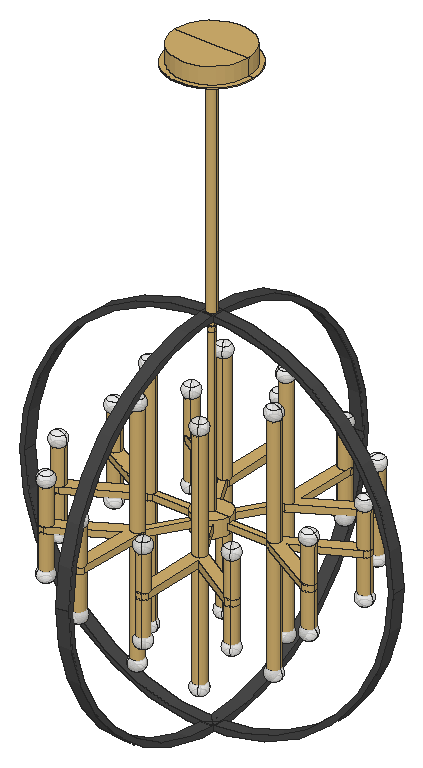
Revit family "Nero Pendant 3-685-xx", category Lighting Fixtures, host Ceiling, Revit 2020
Family settings
  Host = Ceiling
  Round Connector Dimension = Use Diameter
  Part Type = Normal
  OmniClass Number = 23.80.70.11
  OmniClass Title = Luminaries for Internal Lighting
  Always vertical = Yes
  Cut with Voids When Loaded = No
  Light Source = Yes
  Shared = No
  Room Calculation Point = No
Parameters (values of type "3-685-1540 / Black - Aged Brass")
  Wattage Comments = "87.3 W at 120 V"  # constant formula
  Wattage = 87.3 W
  built-in parameter 1150110 = 1 (stored number, unit not read)
  Voltage Input = "120 V or 277 V - 50/60 Hz"  # constant formula
  Voltage = 120 V
  URL = "www.oxygenlighting.com"
  Tilt Angle = 90.00°
  References = "Ref. 3 = 120 V / Ref. 37 = 277 V"  # constant formula
  Photometric Web File = "3-685-1540 Nero Pendant.ies"
  Model = "3-685-xx Nero Pendant"  # constant formula
  Metal Finish = 40 - Aged Brass
  built-in parameter 1114217 = 1 (stored number, unit not read)
  built-in parameter 1150109 = 1 (stored number, unit not read)
  Manufacturer = "Oxygen - Lighting & Fans"  # constant formula
  Lamp = "LED Array"  # constant formula
  Exterior Ring = 15 - Black
  Diffusers = White Frost Glass
  built-in parameter 1150134 = (empty or 0)
  built-in parameter 1150113 = 1 (stored number, unit not read)
  Lumens = 2566.62 lm
  built-in parameter 1150115 = 1 (stored number, unit not read)
  built-in parameter 1150105 = 2566.6 (stored number, unit not read)
  built-in parameter 1150137 = (empty or 0)
  built-in parameter 1150139 = (empty or 0)
  built-in parameter 1150112 = 1 (stored number, unit not read)
  built-in parameter 1150114 = 1 (stored number, unit not read)
  built-in parameter 1150132 = (empty or 0)
  built-in parameter 1150102 = (empty or 0)
  built-in parameter 1150138 = (empty or 0)
  built-in parameter 1150107 = 3000 (stored number, unit not read)
  built-in parameter 1150106 = 25.666 (stored number, unit not read)
  built-in parameter 1150104 = 2.7313 (stored number, unit not read)
  Dimming Lamp Color Temperature Shift = <None>
  Default Elevation = 0 mm
  Color Filter = 16777215
  built-in parameter 1114218 = 1 (stored number, unit not read)
  built-in parameter 1150133 = 10 (stored number, unit not read)
Reference planes
  plane 1 "Light Source Axis (F/B)": y = 0
  plane 2: z = 0
  plane 3 "Light Source Axis (L/R)": x = 0
  plane 4 "Ceiling": z = 4000
  plane 5 "Light Source Elevation": z = 3021.278
Dimensions and locks
  equal spacing: host sketch curve, plane 3 "Light Source Axis (L/R)", host sketch curve
  equal spacing: host sketch curve, plane 1 "Light Source Axis (F/B)", host sketch curve
  host sketch curve to host sketch curve = 4000 mm  (x2)
  plane 4 "Ceiling" to host ceiling = 0 mm
  locked: plane 5 "Light Source Elevation" to plane 4 "Ceiling" at 978.722
  aligned and locked: plane 3 "Light Source Axis (L/R)" to imposter light
  aligned and locked: plane 1 "Light Source Axis (F/B)" to imposter light
  aligned and locked: plane 5 "Light Source Elevation" to imposter light
  aligned and locked: plane 3 "Light Source Axis (L/R)" to nested 1
  aligned and locked: plane 1 "Light Source Axis (F/B)" to nested 1
Nested families
  nested 1: "Familia3" at (0, 0, 4000), type "Familia3"
Connectors
  electrical at (0, 0, 4000), driven by "Voltage"
    settings: on nested 1, index 1, voltage 120 V, apparent load 0 VA, apparent load phase1 0 VA, apparent load phase2 0 VA, apparent load phase3 0 VA, power factor 1, load classification "Other", number of poles 1, system type 31, power factor state 1, is connector primary yes, connector utility no, sub classification motor no, connector description ""
Definition of nested family "Familia3"
  Parameters (values of type "Familia3")
    Metal Finish = none
    Exterior Ring = none
    Default Elevation = 0 mm
    Diffusers = none
  Reference planes
    plane 1 "Center (Front/Back)": y = 0
    plane 2: z = 0
    plane 3 "Center (Left/Right)": x = 0
    plane 4 "Axis": z = -867.853
    plane 5: z = -791.853
    plane 6: z = -943.853
    plane 7: z = -640.853
    plane 8: z = -1094.853
  Forms (mm)
    Revolve 1, solid, material <- "Metal Finish"
      sketch origin (0, 0, 0) x (1, 0, 0) y (0, 0, 1)
        loop
          line (-75, 0) -> (-75, -33.42) -> (-85, -33.42) -> (-85, -35) -> (0, -35) -> (0, 0) -> (-75, 0)
        axis (0, 0) -> (0, -35)
      angle from 0 to 360
    Revolve 2, solid, material <- "Metal Finish"
      sketch origin (0, 0, 0) x (1, 0, 0) y (0, 0, 1)
        loop
          line (-16.386, -35) -> (-16.386, -40) -> (-12.929, -40) -> (-11.111, -41.818) -> (-11.111, -51.818) -> (-7.332, -51.818)
          arc (-7.332, -51.818) -> (-6.488, -53.15) -> (-5.156, -53.994) r 3.6
          line (-5.156, -53.994) -> (-5.156, -55.255) -> (-8.206, -55.255) -> (-8.206, -57.168) -> (-9.828, -57.168) -> (-9.828, -59.082) -> (0, -59.082) -> (0, -35) -> (-16.386, -35)
        axis (0, -35) -> (0, -59.082)
      angle from 0 to 360
    Revolve 3, solid, material <- "Metal Finish"
      sketch origin (0, 0, 0) x (1, 0, 0) y (0, 0, 1)
        loop
          line (9.828, -59.082) -> (0, -59.082) -> (0, -893.195) -> (9.913, -893.195) -> (9.913, -883.958) -> (36.831, -883.958) -> (36.831, -851.748) -> (5.756, -851.748) -> (5.756, -523.725) -> (6.583, -523.725) -> (6.583, -514.823) -> (5.386, -513.202) -> (6.583, -512.005) -> (6.583, -496.984) -> (9.828, -496.984) -> (9.828, -59.082)
        axis (0, -59.082) -> (0, -893.195)
      angle from 0 to 360
    Extrusion 4, solid, material <- "Exterior Ring"
      sketch origin (0, 0, -22.5) x (1, 0, 0) y (0, 0, 1)
        loop
          circle (0, -845.353) r 381
        loop
          circle (0, -845.353) r 371
      from -12.5 to 12.5
    Revolve 5, solid, material <- "Metal Finish"
      sketch origin (56.875, 0, -103.409) x (1, 0, 0) y (0, 0, 1)
        loop
          line (-196.745, -537.444) -> (-196.745, -759.763) -> (-184.245, -759.763) -> (-184.245, -537.444) -> (-196.745, -537.444)
        axis (-184.245, -537.444) -> (-184.245, -759.763)
      angle from 0 to 360
    Revolve 6, solid, material <- "Diffusers"
      sketch origin (56.875, 0, 55.546) x (1, 0, 0) y (0, 0, 1)
        loop
          line (-196.745, -696.399) -> (-184.245, -696.399) -> (-184.245, -670.058)
          arc (-184.245, -670.058) -> (-190.99, -671.168) -> (-196.745, -674.856) r 16.922
          arc (-196.745, -674.856) -> (-201.284, -685.628) -> (-196.745, -696.399) r 15.052
        axis (-184.245, -696.399) -> (-184.245, -670.058)
      angle from 0 to 360
    Revolve 7, solid, material <- "Metal Finish"
      sketch origin (-71.25, -71.25, -102.784) x (1, 0, 0) y (0, 0, -1)
        loop
          line (-196.745, 689.069) -> (-184.245, 689.069) -> (-184.245, 759.763) -> (-196.745, 759.763) -> (-196.745, 689.069)
        axis (-184.245, 689.069) -> (-184.245, 759.763)
      angle from 0 to 360
    Revolve 8, solid, material <- "Diffusers"
      sketch origin (-71.25, -71.25, -95.454) x (1, 0, 0) y (0, 0, -1)
        loop
          arc (-196.745, 696.399) -> (-201.284, 685.628) -> (-196.745, 674.856) r 15.052
          arc (-196.745, 674.856) -> (-190.99, 671.168) -> (-184.245, 670.058) r 16.922
          line (-184.245, 670.058) -> (-184.245, 696.399) -> (-196.745, 696.399)
        axis (-184.245, 696.399) -> (-184.245, 670.058)
      angle from 0 to 360
    Extrusion 9, solid, material <- "Metal Finish"
      sketch origin (0, 0, -867.853) x (-1, 0, 0) y (0, -1, 0)
        loop
          arc (116.693, -6.5) -> (118.71, -9.014) -> (121.302, -10.928) r 12.5
          line (121.302, -10.928) -> (250.796, -82.833)
          arc (250.796, -82.833) -> (262.478, -81.618) -> (267.995, -71.25) r 12.5
          arc (267.995, -71.25) -> (266.753, -65.817) -> (263.273, -61.465) r 12.5
          line (263.273, -61.465) -> (153.064, -0.015) -> (261.57, 60.326)
          arc (261.57, 60.326) -> (266.27, 64.913) -> (267.995, 71.25) r 12.5
          arc (267.995, 71.25) -> (261.832, 82.025) -> (249.42, 82.174) r 12.5
          line (249.42, 82.174) -> (121.295, 10.924)
          arc (121.295, 10.924) -> (118.707, 9.011) -> (116.693, 6.5) r 12.5
          line (116.693, 6.5) -> (15.042, 6.5)
          arc (15.042, 6.5) -> (16.046, 3.319) -> (16.386, 0) r 16.386
          arc (16.386, 0) -> (16.046, -3.319) -> (15.042, -6.5) r 16.386
          line (15.042, -6.5) -> (116.693, -6.5)
      from -6.5 to 6.5
    Revolve 10, solid, material <- "Metal Finish"
      sketch origin (-71.25, -71.25, -1632.922) x (1, 0, 0) y (0, 0, -1)
        loop
          line (-196.745, -689.069) -> (-196.745, -759.763) -> (-184.245, -759.763) -> (-184.245, -689.069) -> (-196.745, -689.069)
        axis (-184.245, -689.069) -> (-184.245, -759.763)
      angle from 0 to 360
    Revolve 11, solid, material <- "Diffusers"
      sketch origin (-71.25, -71.25, -1640.253) x (1, 0, 0) y (0, 0, -1)
        loop
          line (-196.745, -696.399) -> (-184.245, -696.399) -> (-184.245, -670.058)
          arc (-184.245, -670.058) -> (-190.99, -671.168) -> (-196.745, -674.856) r 16.922
          arc (-196.745, -674.856) -> (-201.284, -685.628) -> (-196.745, -696.399) r 15.052
        axis (-184.245, -696.399) -> (-184.245, -670.058)
      angle from 0 to 360
    Revolve 12, solid, material <- "Metal Finish"
      sketch origin (56.875, 0, -1632.297) x (1, 0, 0) y (0, 0, -1)
        loop
          line (-196.745, -537.444) -> (-196.745, -759.763) -> (-184.245, -759.763) -> (-184.245, -537.444) -> (-196.745, -537.444)
        axis (-184.245, -537.444) -> (-184.245, -759.763)
      angle from 0 to 360
    Revolve 13, solid, material <- "Diffusers"
      sketch origin (56.875, 0, -1791.253) x (1, 0, 0) y (0, 0, -1)
        loop
          line (-196.745, -696.399) -> (-184.245, -696.399) -> (-184.245, -670.058)
          arc (-184.245, -670.058) -> (-190.99, -671.168) -> (-196.745, -674.856) r 16.922
          arc (-196.745, -674.856) -> (-201.284, -685.628) -> (-196.745, -696.399) r 15.052
        axis (-184.245, -696.399) -> (-184.245, -670.058)
      angle from 0 to 360
    Revolve 14, solid, material <- "Metal Finish"
      sketch origin (-71.25, 71.25, -102.784) x (1, 0, 0) y (0, 0, 1)
        loop
          line (-196.745, -689.069) -> (-196.745, -759.763) -> (-184.245, -759.763) -> (-184.245, -689.069) -> (-196.745, -689.069)
        axis (-184.245, -689.069) -> (-184.245, -759.763)
      angle from 0 to 360
    Revolve 15, solid, material <- "Diffusers"
      sketch origin (-71.25, 71.25, -95.454) x (1, 0, 0) y (0, 0, 1)
        loop
          line (-196.745, -696.399) -> (-184.245, -696.399) -> (-184.245, -670.058)
          arc (-184.245, -670.058) -> (-190.99, -671.168) -> (-196.745, -674.856) r 16.922
          arc (-196.745, -674.856) -> (-201.284, -685.628) -> (-196.745, -696.399) r 15.052
        axis (-184.245, -696.399) -> (-184.245, -670.058)
      angle from 0 to 360
    Revolve 16, solid, material <- "Metal Finish"
      sketch origin (-71.25, 71.25, -1632.922) x (1, 0, 0) y (0, 0, 1)
        loop
          line (-196.745, 689.069) -> (-184.245, 689.069) -> (-184.245, 759.763) -> (-196.745, 759.763) -> (-196.745, 689.069)
        axis (-184.245, 689.069) -> (-184.245, 759.763)
      angle from 0 to 360
    Revolve 17, solid, material <- "Diffusers"
      sketch origin (-71.25, 71.25, -1640.253) x (1, 0, 0) y (0, 0, 1)
        loop
          arc (-196.745, 696.399) -> (-201.284, 685.628) -> (-196.745, 674.856) r 15.052
          arc (-196.745, 674.856) -> (-190.99, 671.168) -> (-184.245, 670.058) r 16.922
          line (-184.245, 670.058) -> (-184.245, 696.399) -> (-196.745, 696.399)
        axis (-184.245, 696.399) -> (-184.245, 670.058)
      angle from 0 to 360
    Revolve 18, solid, material <- "Metal Finish"
      sketch origin (28.437, 49.255, -103.409) x (0.5, 0.866025, 0) y (0, 0, 1)
        loop
          line (-196.745, -537.444) -> (-196.745, -759.763) -> (-184.245, -759.763) -> (-184.245, -537.444) -> (-196.745, -537.444)
        axis (-184.245, -537.444) -> (-184.245, -759.763)
      angle from 0 to 360
    Revolve 19, solid, material <- "Diffusers"
      sketch origin (28.438, 49.255, 55.546) x (0.5, 0.866025, 0) y (0, 0, 1)
        loop
          line (-196.745, -696.399) -> (-184.245, -696.399) -> (-184.245, -670.058)
          arc (-184.245, -670.058) -> (-190.99, -671.168) -> (-196.745, -674.856) r 16.922
          arc (-196.745, -674.856) -> (-201.284, -685.628) -> (-196.745, -696.399) r 15.052
        axis (-184.245, -696.399) -> (-184.245, -670.058)
      angle from 0 to 360
    Revolve 20, solid, material <- "Metal Finish"
      sketch origin (26.079, -97.329, -102.784) x (0.5, 0.866025, 0) y (0, 0, -1)
        loop
          line (-196.745, 689.069) -> (-184.245, 689.069) -> (-184.245, 759.763) -> (-196.745, 759.763) -> (-196.745, 689.069)
        axis (-184.245, 689.069) -> (-184.245, 759.763)
      angle from 0 to 360
    Revolve 21, solid, material <- "Diffusers"
      sketch origin (26.079, -97.329, -95.454) x (0.5, 0.866025, 0) y (0, 0, -1)
        loop
          arc (-196.745, 696.399) -> (-201.284, 685.628) -> (-196.745, 674.856) r 15.052
          arc (-196.745, 674.856) -> (-190.99, 671.168) -> (-184.245, 670.058) r 16.922
          line (-184.245, 670.058) -> (-184.245, 696.399) -> (-196.745, 696.399)
        axis (-184.245, 696.399) -> (-184.245, 670.058)
      angle from 0 to 360
    Extrusion 22, solid, material <- "Metal Finish"
      sketch origin (0, 0, -867.853) x (-0.5, -0.866025, 0) y (0.866025, -0.5, 0)
        loop
          arc (116.693, -6.5) -> (118.71, -9.014) -> (121.302, -10.928) r 12.5
          line (121.302, -10.928) -> (250.796, -82.833)
          arc (250.796, -82.833) -> (262.478, -81.618) -> (267.995, -71.25) r 12.5
          arc (267.995, -71.25) -> (266.753, -65.817) -> (263.273, -61.465) r 12.5
          line (263.273, -61.465) -> (153.064, -0.015) -> (261.57, 60.326)
          arc (261.57, 60.326) -> (266.27, 64.913) -> (267.995, 71.25) r 12.5
          arc (267.995, 71.25) -> (261.832, 82.025) -> (249.42, 82.174) r 12.5
          line (249.42, 82.174) -> (121.295, 10.924)
          arc (121.295, 10.924) -> (118.707, 9.011) -> (116.693, 6.5) r 12.5
          line (116.693, 6.5) -> (15.042, 6.5)
          arc (15.042, 6.5) -> (16.046, 3.319) -> (16.386, 0) r 16.386
          arc (16.386, 0) -> (16.046, -3.319) -> (15.042, -6.5) r 16.386
          line (15.042, -6.5) -> (116.693, -6.5)
      from -6.5 to 6.5
    Revolve 23, solid, material <- "Metal Finish"
      sketch origin (26.079, -97.329, -1632.922) x (0.5, 0.866025, 0) y (0, 0, -1)
        loop
          line (-196.745, -689.069) -> (-196.745, -759.763) -> (-184.245, -759.763) -> (-184.245, -689.069) -> (-196.745, -689.069)
        axis (-184.245, -689.069) -> (-184.245, -759.763)
      angle from 0 to 360
    Revolve 24, solid, material <- "Diffusers"
      sketch origin (26.079, -97.329, -1640.253) x (0.5, 0.866025, 0) y (0, 0, -1)
        loop
          line (-196.745, -696.399) -> (-184.245, -696.399) -> (-184.245, -670.058)
          arc (-184.245, -670.058) -> (-190.99, -671.168) -> (-196.745, -674.856) r 16.922
          arc (-196.745, -674.856) -> (-201.284, -685.628) -> (-196.745, -696.399) r 15.052
        axis (-184.245, -696.399) -> (-184.245, -670.058)
      angle from 0 to 360
    Revolve 25, solid, material <- "Metal Finish"
      sketch origin (28.437, 49.255, -1632.297) x (0.5, 0.866025, 0) y (0, 0, 1)
        loop
          line (-196.745, 537.444) -> (-184.245, 537.444) -> (-184.245, 759.763) -> (-196.745, 759.763) -> (-196.745, 537.444)
        axis (-184.245, 537.444) -> (-184.245, 759.763)
      angle from 0 to 360
    Revolve 26, solid, material <- "Diffusers"
      sketch origin (28.438, 49.255, -1791.253) x (0.5, 0.866025, 0) y (0, 0, 1)
        loop
          arc (-196.745, 696.399) -> (-201.284, 685.628) -> (-196.745, 674.856) r 15.052
          arc (-196.745, 674.856) -> (-190.99, 671.168) -> (-184.245, 670.058) r 16.922
          line (-184.245, 670.058) -> (-184.245, 696.399) -> (-196.745, 696.399)
        axis (-184.245, 696.399) -> (-184.245, 670.058)
      angle from 0 to 360
    Revolve 27, solid, material <- "Metal Finish"
      sketch origin (-97.329, -26.079, -102.784) x (0.5, 0.866025, 0) y (0, 0, 1)
        loop
          line (-196.745, -689.069) -> (-196.745, -759.763) -> (-184.245, -759.763) -> (-184.245, -689.069) -> (-196.745, -689.069)
        axis (-184.245, -689.069) -> (-184.245, -759.763)
      angle from 0 to 360
    Revolve 28, solid, material <- "Diffusers"
      sketch origin (-97.329, -26.079, -95.454) x (0.5, 0.866025, 0) y (0, 0, 1)
        loop
          line (-196.745, -696.399) -> (-184.245, -696.399) -> (-184.245, -670.058)
          arc (-184.245, -670.058) -> (-190.99, -671.168) -> (-196.745, -674.856) r 16.922
          arc (-196.745, -674.856) -> (-201.284, -685.628) -> (-196.745, -696.399) r 15.052
        axis (-184.245, -696.399) -> (-184.245, -670.058)
      angle from 0 to 360
    Revolve 29, solid, material <- "Metal Finish"
      sketch origin (-97.329, -26.079, -1632.922) x (0.5, 0.866025, 0) y (0, 0, 1)
        loop
          line (-196.745, 689.069) -> (-184.245, 689.069) -> (-184.245, 759.763) -> (-196.745, 759.763) -> (-196.745, 689.069)
        axis (-184.245, 689.069) -> (-184.245, 759.763)
      angle from 0 to 360
    Revolve 30, solid, material <- "Diffusers"
      sketch origin (-97.329, -26.079, -1640.253) x (0.5, 0.866025, 0) y (0, 0, 1)
        loop
          arc (-196.745, 696.399) -> (-201.284, 685.628) -> (-196.745, 674.856) r 15.052
          arc (-196.745, 674.856) -> (-190.99, 671.168) -> (-184.245, 670.058) r 16.922
          line (-184.245, 670.058) -> (-184.245, 696.399) -> (-196.745, 696.399)
        axis (-184.245, 696.399) -> (-184.245, 670.058)
      angle from 0 to 360
    Revolve 31, solid, material <- "Metal Finish"
      sketch origin (-28.437, 49.255, -103.409) x (-0.5, 0.866025, 0) y (0, 0, 1)
        loop
          line (-196.745, -537.444) -> (-196.745, -759.763) -> (-184.245, -759.763) -> (-184.245, -537.444) -> (-196.745, -537.444)
        axis (-184.245, -537.444) -> (-184.245, -759.763)
      angle from 0 to 360
    Revolve 32, solid, material <- "Diffusers"
      sketch origin (-28.437, 49.255, 55.546) x (-0.5, 0.866025, 0) y (0, 0, 1)
        loop
          line (-196.745, -696.399) -> (-184.245, -696.399) -> (-184.245, -670.058)
          arc (-184.245, -670.058) -> (-190.99, -671.168) -> (-196.745, -674.856) r 16.922
          arc (-196.745, -674.856) -> (-201.284, -685.628) -> (-196.745, -696.399) r 15.052
        axis (-184.245, -696.399) -> (-184.245, -670.058)
      angle from 0 to 360
    Revolve 33, solid, material <- "Metal Finish"
      sketch origin (97.329, -26.079, -102.784) x (-0.5, 0.866025, 0) y (0, 0, -1)
        loop
          line (-196.745, 689.069) -> (-184.245, 689.069) -> (-184.245, 759.763) -> (-196.745, 759.763) -> (-196.745, 689.069)
        axis (-184.245, 689.069) -> (-184.245, 759.763)
      angle from 0 to 360
    Revolve 34, solid, material <- "Diffusers"
      sketch origin (97.329, -26.079, -95.454) x (-0.5, 0.866025, 0) y (0, 0, -1)
        loop
          arc (-196.745, 696.399) -> (-201.284, 685.628) -> (-196.745, 674.856) r 15.052
          arc (-196.745, 674.856) -> (-190.99, 671.168) -> (-184.245, 670.058) r 16.922
          line (-184.245, 670.058) -> (-184.245, 696.399) -> (-196.745, 696.399)
        axis (-184.245, 696.399) -> (-184.245, 670.058)
      angle from 0 to 360
    Extrusion 35, solid, material <- "Metal Finish"
      sketch origin (0, 0, -867.853) x (0.5, -0.866025, 0) y (0.866025, 0.5, 0)
        loop
          arc (116.693, -6.5) -> (118.71, -9.014) -> (121.302, -10.928) r 12.5
          line (121.302, -10.928) -> (250.796, -82.833)
          arc (250.796, -82.833) -> (262.478, -81.618) -> (267.995, -71.25) r 12.5
          arc (267.995, -71.25) -> (266.753, -65.817) -> (263.273, -61.465) r 12.5
          line (263.273, -61.465) -> (153.064, -0.015) -> (261.57, 60.326)
          arc (261.57, 60.326) -> (266.27, 64.913) -> (267.995, 71.25) r 12.5
          arc (267.995, 71.25) -> (261.832, 82.025) -> (249.42, 82.174) r 12.5
          line (249.42, 82.174) -> (121.295, 10.924)
          arc (121.295, 10.924) -> (118.707, 9.011) -> (116.693, 6.5) r 12.5
          line (116.693, 6.5) -> (15.042, 6.5)
          arc (15.042, 6.5) -> (16.046, 3.319) -> (16.386, 0) r 16.386
          arc (16.386, 0) -> (16.046, -3.319) -> (15.042, -6.5) r 16.386
          line (15.042, -6.5) -> (116.693, -6.5)
      from -6.5 to 6.5
    Revolve 36, solid, material <- "Metal Finish"
      sketch origin (97.329, -26.079, -1632.922) x (-0.5, 0.866025, 0) y (0, 0, -1)
        loop
          line (-196.745, -689.069) -> (-196.745, -759.763) -> (-184.245, -759.763) -> (-184.245, -689.069) -> (-196.745, -689.069)
        axis (-184.245, -689.069) -> (-184.245, -759.763)
      angle from 0 to 360
    Revolve 37, solid, material <- "Diffusers"
      sketch origin (97.329, -26.079, -1640.253) x (-0.5, 0.866025, 0) y (0, 0, -1)
        loop
          line (-196.745, -696.399) -> (-184.245, -696.399) -> (-184.245, -670.058)
          arc (-184.245, -670.058) -> (-190.99, -671.168) -> (-196.745, -674.856) r 16.922
          arc (-196.745, -674.856) -> (-201.284, -685.628) -> (-196.745, -696.399) r 15.052
        axis (-184.245, -696.399) -> (-184.245, -670.058)
      angle from 0 to 360
    Revolve 38, solid, material <- "Metal Finish"
      sketch origin (-28.437, 49.255, -1632.297) x (-0.5, 0.866025, 0) y (0, 0, 1)
        loop
          line (-196.745, 537.444) -> (-184.245, 537.444) -> (-184.245, 759.763) -> (-196.745, 759.763) -> (-196.745, 537.444)
        axis (-184.245, 537.444) -> (-184.245, 759.763)
      angle from 0 to 360
    Revolve 39, solid, material <- "Diffusers"
      sketch origin (-28.437, 49.255, -1791.253) x (-0.5, 0.866025, 0) y (0, 0, 1)
        loop
          arc (-196.745, 696.399) -> (-201.284, 685.628) -> (-196.745, 674.856) r 15.052
          arc (-196.745, 674.856) -> (-190.99, 671.168) -> (-184.245, 670.058) r 16.922
          line (-184.245, 670.058) -> (-184.245, 696.399) -> (-196.745, 696.399)
        axis (-184.245, 696.399) -> (-184.245, 670.058)
      angle from 0 to 360
    Revolve 40, solid, material <- "Metal Finish"
      sketch origin (-26.079, -97.329, -102.784) x (-0.5, 0.866025, 0) y (0, 0, 1)
        loop
          line (-196.745, -689.069) -> (-196.745, -759.763) -> (-184.245, -759.763) -> (-184.245, -689.069) -> (-196.745, -689.069)
        axis (-184.245, -689.069) -> (-184.245, -759.763)
      angle from 0 to 360
    Revolve 41, solid, material <- "Diffusers"
      sketch origin (-26.079, -97.329, -95.454) x (-0.5, 0.866025, 0) y (0, 0, 1)
        loop
          line (-196.745, -696.399) -> (-184.245, -696.399) -> (-184.245, -670.058)
          arc (-184.245, -670.058) -> (-190.99, -671.168) -> (-196.745, -674.856) r 16.922
          arc (-196.745, -674.856) -> (-201.284, -685.628) -> (-196.745, -696.399) r 15.052
        axis (-184.245, -696.399) -> (-184.245, -670.058)
      angle from 0 to 360
    Revolve 42, solid, material <- "Metal Finish"
      sketch origin (-26.079, -97.329, -1632.922) x (-0.5, 0.866025, 0) y (0, 0, 1)
        loop
          line (-196.745, 689.069) -> (-184.245, 689.069) -> (-184.245, 759.763) -> (-196.745, 759.763) -> (-196.745, 689.069)
        axis (-184.245, 689.069) -> (-184.245, 759.763)
      angle from 0 to 360
    Revolve 43, solid, material <- "Diffusers"
      sketch origin (-26.079, -97.329, -1640.253) x (-0.5, 0.866025, 0) y (0, 0, 1)
        loop
          arc (-196.745, 696.399) -> (-201.284, 685.628) -> (-196.745, 674.856) r 15.052
          arc (-196.745, 674.856) -> (-190.99, 671.168) -> (-184.245, 670.058) r 16.922
          line (-184.245, 670.058) -> (-184.245, 696.399) -> (-196.745, 696.399)
        axis (-184.245, 696.399) -> (-184.245, 670.058)
      angle from 0 to 360
    Revolve 44, solid, material <- "Metal Finish"
      sketch origin (-56.875, 0, -103.409) x (-1, 0, 0) y (0, 0, 1)
        loop
          line (-196.745, -537.444) -> (-196.745, -759.763) -> (-184.245, -759.763) -> (-184.245, -537.444) -> (-196.745, -537.444)
        axis (-184.245, -537.444) -> (-184.245, -759.763)
      angle from 0 to 360
    Revolve 45, solid, material <- "Diffusers"
      sketch origin (-56.875, 0, 55.546) x (-1, 0, 0) y (0, 0, 1)
        loop
          line (-196.745, -696.399) -> (-184.245, -696.399) -> (-184.245, -670.058)
          arc (-184.245, -670.058) -> (-190.99, -671.168) -> (-196.745, -674.856) r 16.922
          arc (-196.745, -674.856) -> (-201.284, -685.628) -> (-196.745, -696.399) r 15.052
        axis (-184.245, -696.399) -> (-184.245, -670.058)
      angle from 0 to 360
    Revolve 46, solid, material <- "Metal Finish"
      sketch origin (71.25, 71.25, -102.784) x (-1, 0, 0) y (0, 0, -1)
        loop
          line (-196.745, 689.069) -> (-184.245, 689.069) -> (-184.245, 759.763) -> (-196.745, 759.763) -> (-196.745, 689.069)
        axis (-184.245, 689.069) -> (-184.245, 759.763)
      angle from 0 to 360
    Revolve 47, solid, material <- "Diffusers"
      sketch origin (71.25, 71.25, -95.454) x (-1, 0, 0) y (0, 0, -1)
        loop
          arc (-196.745, 696.399) -> (-201.284, 685.628) -> (-196.745, 674.856) r 15.052
          arc (-196.745, 674.856) -> (-190.99, 671.168) -> (-184.245, 670.058) r 16.922
          line (-184.245, 670.058) -> (-184.245, 696.399) -> (-196.745, 696.399)
        axis (-184.245, 696.399) -> (-184.245, 670.058)
      angle from 0 to 360
    Extrusion 48, solid, material <- "Metal Finish"
      sketch origin (0, 0, -867.853) x (1, 0, 0) y (0, 1, 0)
        loop
          arc (116.693, -6.5) -> (118.71, -9.014) -> (121.302, -10.928) r 12.5
          line (121.302, -10.928) -> (250.796, -82.833)
          arc (250.796, -82.833) -> (262.478, -81.618) -> (267.995, -71.25) r 12.5
          arc (267.995, -71.25) -> (266.753, -65.817) -> (263.273, -61.465) r 12.5
          line (263.273, -61.465) -> (153.064, -0.015) -> (261.57, 60.326)
          arc (261.57, 60.326) -> (266.27, 64.913) -> (267.995, 71.25) r 12.5
          arc (267.995, 71.25) -> (261.832, 82.025) -> (249.42, 82.174) r 12.5
          line (249.42, 82.174) -> (121.295, 10.924)
          arc (121.295, 10.924) -> (118.707, 9.011) -> (116.693, 6.5) r 12.5
          line (116.693, 6.5) -> (15.042, 6.5)
          arc (15.042, 6.5) -> (16.046, 3.319) -> (16.386, 0) r 16.386
          arc (16.386, 0) -> (16.046, -3.319) -> (15.042, -6.5) r 16.386
          line (15.042, -6.5) -> (116.693, -6.5)
      from -6.5 to 6.5
    Revolve 49, solid, material <- "Metal Finish"
      sketch origin (71.25, 71.25, -1632.922) x (-1, 0, 0) y (0, 0, -1)
        loop
          line (-196.745, -689.069) -> (-196.745, -759.763) -> (-184.245, -759.763) -> (-184.245, -689.069) -> (-196.745, -689.069)
        axis (-184.245, -689.069) -> (-184.245, -759.763)
      angle from 0 to 360
    Revolve 50, solid, material <- "Diffusers"
      sketch origin (71.25, 71.25, -1640.253) x (-1, 0, 0) y (0, 0, -1)
        loop
          line (-196.745, -696.399) -> (-184.245, -696.399) -> (-184.245, -670.058)
          arc (-184.245, -670.058) -> (-190.99, -671.168) -> (-196.745, -674.856) r 16.922
          arc (-196.745, -674.856) -> (-201.284, -685.628) -> (-196.745, -696.399) r 15.052
        axis (-184.245, -696.399) -> (-184.245, -670.058)
      angle from 0 to 360
    Revolve 51, solid, material <- "Metal Finish"
      sketch origin (-56.875, 0, -1632.297) x (-1, 0, 0) y (0, 0, 1)
        loop
          line (-196.745, 537.444) -> (-184.245, 537.444) -> (-184.245, 759.763) -> (-196.745, 759.763) -> (-196.745, 537.444)
        axis (-184.245, 537.444) -> (-184.245, 759.763)
      angle from 0 to 360
    Revolve 52, solid, material <- "Diffusers"
      sketch origin (-56.875, 0, -1791.253) x (-1, 0, 0) y (0, 0, 1)
        loop
          arc (-196.745, 696.399) -> (-201.284, 685.628) -> (-196.745, 674.856) r 15.052
          arc (-196.745, 674.856) -> (-190.99, 671.168) -> (-184.245, 670.058) r 16.922
          line (-184.245, 670.058) -> (-184.245, 696.399) -> (-196.745, 696.399)
        axis (-184.245, 696.399) -> (-184.245, 670.058)
      angle from 0 to 360
    Revolve 53, solid, material <- "Metal Finish"
      sketch origin (71.25, -71.25, -102.784) x (-1, 0, 0) y (0, 0, 1)
        loop
          line (-196.745, -689.069) -> (-196.745, -759.763) -> (-184.245, -759.763) -> (-184.245, -689.069) -> (-196.745, -689.069)
        axis (-184.245, -689.069) -> (-184.245, -759.763)
      angle from 0 to 360
    Revolve 54, solid, material <- "Diffusers"
      sketch origin (71.25, -71.25, -95.454) x (-1, 0, 0) y (0, 0, 1)
        loop
          line (-196.745, -696.399) -> (-184.245, -696.399) -> (-184.245, -670.058)
          arc (-184.245, -670.058) -> (-190.99, -671.168) -> (-196.745, -674.856) r 16.922
          arc (-196.745, -674.856) -> (-201.284, -685.628) -> (-196.745, -696.399) r 15.052
        axis (-184.245, -696.399) -> (-184.245, -670.058)
      angle from 0 to 360
    Revolve 55, solid, material <- "Metal Finish"
      sketch origin (71.25, -71.25, -1632.922) x (-1, 0, 0) y (0, 0, 1)
        loop
          line (-196.745, 689.069) -> (-184.245, 689.069) -> (-184.245, 759.763) -> (-196.745, 759.763) -> (-196.745, 689.069)
        axis (-184.245, 689.069) -> (-184.245, 759.763)
      angle from 0 to 360
    Revolve 56, solid, material <- "Diffusers"
      sketch origin (71.25, -71.25, -1640.253) x (-1, 0, 0) y (0, 0, 1)
        loop
          arc (-196.745, 696.399) -> (-201.284, 685.628) -> (-196.745, 674.856) r 15.052
          arc (-196.745, 674.856) -> (-190.99, 671.168) -> (-184.245, 670.058) r 16.922
          line (-184.245, 670.058) -> (-184.245, 696.399) -> (-196.745, 696.399)
        axis (-184.245, 696.399) -> (-184.245, 670.058)
      angle from 0 to 360
    Revolve 57, solid, material <- "Metal Finish"
      sketch origin (-28.438, -49.255, -103.409) x (-0.5, -0.866025, 0) y (0, 0, 1)
        loop
          line (-196.745, -537.444) -> (-196.745, -759.763) -> (-184.245, -759.763) -> (-184.245, -537.444) -> (-196.745, -537.444)
        axis (-184.245, -537.444) -> (-184.245, -759.763)
      angle from 0 to 360
    Revolve 58, solid, material <- "Diffusers"
      sketch origin (-28.438, -49.255, 55.546) x (-0.5, -0.866025, 0) y (0, 0, 1)
        loop
          line (-196.745, -696.399) -> (-184.245, -696.399) -> (-184.245, -670.058)
          arc (-184.245, -670.058) -> (-190.99, -671.168) -> (-196.745, -674.856) r 16.922
          arc (-196.745, -674.856) -> (-201.284, -685.628) -> (-196.745, -696.399) r 15.052
        axis (-184.245, -696.399) -> (-184.245, -670.058)
      angle from 0 to 360
    Revolve 59, solid, material <- "Metal Finish"
      sketch origin (-26.079, 97.329, -102.784) x (-0.5, -0.866025, 0) y (0, 0, -1)
        loop
          line (-196.745, 689.069) -> (-184.245, 689.069) -> (-184.245, 759.763) -> (-196.745, 759.763) -> (-196.745, 689.069)
        axis (-184.245, 689.069) -> (-184.245, 759.763)
      angle from 0 to 360
    Revolve 60, solid, material <- "Diffusers"
      sketch origin (-26.079, 97.329, -95.454) x (-0.5, -0.866025, 0) y (0, 0, -1)
        loop
          arc (-196.745, 696.399) -> (-201.284, 685.628) -> (-196.745, 674.856) r 15.052
          arc (-196.745, 674.856) -> (-190.99, 671.168) -> (-184.245, 670.058) r 16.922
          line (-184.245, 670.058) -> (-184.245, 696.399) -> (-196.745, 696.399)
        axis (-184.245, 696.399) -> (-184.245, 670.058)
      angle from 0 to 360
    Extrusion 61, solid, material <- "Metal Finish"
      sketch origin (0, 0, -867.853) x (0.5, 0.866025, 0) y (-0.866025, 0.5, 0)
        loop
          arc (116.693, -6.5) -> (118.71, -9.014) -> (121.302, -10.928) r 12.5
          line (121.302, -10.928) -> (250.796, -82.833)
          arc (250.796, -82.833) -> (262.478, -81.618) -> (267.995, -71.25) r 12.5
          arc (267.995, -71.25) -> (266.753, -65.817) -> (263.273, -61.465) r 12.5
          line (263.273, -61.465) -> (153.064, -0.015) -> (261.57, 60.326)
          arc (261.57, 60.326) -> (266.27, 64.913) -> (267.995, 71.25) r 12.5
          arc (267.995, 71.25) -> (261.832, 82.025) -> (249.42, 82.174) r 12.5
          line (249.42, 82.174) -> (121.295, 10.924)
          arc (121.295, 10.924) -> (118.707, 9.011) -> (116.693, 6.5) r 12.5
          line (116.693, 6.5) -> (15.042, 6.5)
          arc (15.042, 6.5) -> (16.046, 3.319) -> (16.386, 0) r 16.386
          arc (16.386, 0) -> (16.046, -3.319) -> (15.042, -6.5) r 16.386
          line (15.042, -6.5) -> (116.693, -6.5)
      from -6.5 to 6.5
    Revolve 62, solid, material <- "Metal Finish"
      sketch origin (-26.079, 97.329, -1632.922) x (-0.5, -0.866025, 0) y (0, 0, -1)
        loop
          line (-196.745, -689.069) -> (-196.745, -759.763) -> (-184.245, -759.763) -> (-184.245, -689.069) -> (-196.745, -689.069)
        axis (-184.245, -689.069) -> (-184.245, -759.763)
      angle from 0 to 360
    Revolve 63, solid, material <- "Diffusers"
      sketch origin (-26.079, 97.329, -1640.253) x (-0.5, -0.866025, 0) y (0, 0, -1)
        loop
          line (-196.745, -696.399) -> (-184.245, -696.399) -> (-184.245, -670.058)
          arc (-184.245, -670.058) -> (-190.99, -671.168) -> (-196.745, -674.856) r 16.922
          arc (-196.745, -674.856) -> (-201.284, -685.628) -> (-196.745, -696.399) r 15.052
        axis (-184.245, -696.399) -> (-184.245, -670.058)
      angle from 0 to 360
    Revolve 64, solid, material <- "Metal Finish"
      sketch origin (-28.438, -49.255, -1632.297) x (-0.5, -0.866025, 0) y (0, 0, 1)
        loop
          line (-196.745, 537.444) -> (-184.245, 537.444) -> (-184.245, 759.763) -> (-196.745, 759.763) -> (-196.745, 537.444)
        axis (-184.245, 537.444) -> (-184.245, 759.763)
      angle from 0 to 360
    Revolve 65, solid, material <- "Diffusers"
      sketch origin (-28.438, -49.255, -1791.253) x (-0.5, -0.866025, 0) y (0, 0, 1)
        loop
          arc (-196.745, 696.399) -> (-201.284, 685.628) -> (-196.745, 674.856) r 15.052
          arc (-196.745, 674.856) -> (-190.99, 671.168) -> (-184.245, 670.058) r 16.922
          line (-184.245, 670.058) -> (-184.245, 696.399) -> (-196.745, 696.399)
        axis (-184.245, 696.399) -> (-184.245, 670.058)
      angle from 0 to 360
    Revolve 66, solid, material <- "Metal Finish"
      sketch origin (97.329, 26.079, -102.784) x (-0.5, -0.866025, 0) y (0, 0, 1)
        loop
          line (-196.745, -689.069) -> (-196.745, -759.763) -> (-184.245, -759.763) -> (-184.245, -689.069) -> (-196.745, -689.069)
        axis (-184.245, -689.069) -> (-184.245, -759.763)
      angle from 0 to 360
    Revolve 67, solid, material <- "Diffusers"
      sketch origin (97.329, 26.079, -95.454) x (-0.5, -0.866025, 0) y (0, 0, 1)
        loop
          line (-196.745, -696.399) -> (-184.245, -696.399) -> (-184.245, -670.058)
          arc (-184.245, -670.058) -> (-190.99, -671.168) -> (-196.745, -674.856) r 16.922
          arc (-196.745, -674.856) -> (-201.284, -685.628) -> (-196.745, -696.399) r 15.052
        axis (-184.245, -696.399) -> (-184.245, -670.058)
      angle from 0 to 360
    Revolve 68, solid, material <- "Metal Finish"
      sketch origin (97.329, 26.079, -1632.922) x (-0.5, -0.866025, 0) y (0, 0, 1)
        loop
          line (-196.745, 689.069) -> (-184.245, 689.069) -> (-184.245, 759.763) -> (-196.745, 759.763) -> (-196.745, 689.069)
        axis (-184.245, 689.069) -> (-184.245, 759.763)
      angle from 0 to 360
    Revolve 69, solid, material <- "Diffusers"
      sketch origin (97.329, 26.079, -1640.253) x (-0.5, -0.866025, 0) y (0, 0, 1)
        loop
          arc (-196.745, 696.399) -> (-201.284, 685.628) -> (-196.745, 674.856) r 15.052
          arc (-196.745, 674.856) -> (-190.99, 671.168) -> (-184.245, 670.058) r 16.922
          line (-184.245, 670.058) -> (-184.245, 696.399) -> (-196.745, 696.399)
        axis (-184.245, 696.399) -> (-184.245, 670.058)
      angle from 0 to 360
    Revolve 70, solid, material <- "Metal Finish"
      sketch origin (28.437, -49.255, -103.409) x (0.5, -0.866025, 0) y (0, 0, 1)
        loop
          line (-196.745, -537.444) -> (-196.745, -759.763) -> (-184.245, -759.763) -> (-184.245, -537.444) -> (-196.745, -537.444)
        axis (-184.245, -537.444) -> (-184.245, -759.763)
      angle from 0 to 360
    Revolve 71, solid, material <- "Diffusers"
      sketch origin (28.437, -49.255, 55.546) x (0.5, -0.866025, 0) y (0, 0, 1)
        loop
          line (-196.745, -696.399) -> (-184.245, -696.399) -> (-184.245, -670.058)
          arc (-184.245, -670.058) -> (-190.99, -671.168) -> (-196.745, -674.856) r 16.922
          arc (-196.745, -674.856) -> (-201.284, -685.628) -> (-196.745, -696.399) r 15.052
        axis (-184.245, -696.399) -> (-184.245, -670.058)
      angle from 0 to 360
    Revolve 72, solid, material <- "Metal Finish"
      sketch origin (-97.329, 26.079, -102.784) x (0.5, -0.866025, 0) y (0, 0, -1)
        loop
          line (-196.745, 689.069) -> (-184.245, 689.069) -> (-184.245, 759.763) -> (-196.745, 759.763) -> (-196.745, 689.069)
        axis (-184.245, 689.069) -> (-184.245, 759.763)
      angle from 0 to 360
    Revolve 73, solid, material <- "Diffusers"
      sketch origin (-97.329, 26.079, -95.454) x (0.5, -0.866025, 0) y (0, 0, -1)
        loop
          arc (-196.745, 696.399) -> (-201.284, 685.628) -> (-196.745, 674.856) r 15.052
          arc (-196.745, 674.856) -> (-190.99, 671.168) -> (-184.245, 670.058) r 16.922
          line (-184.245, 670.058) -> (-184.245, 696.399) -> (-196.745, 696.399)
        axis (-184.245, 696.399) -> (-184.245, 670.058)
      angle from 0 to 360
    Extrusion 74, solid, material <- "Metal Finish"
      sketch origin (0, 0, -867.853) x (-0.5, 0.866025, 0) y (-0.866025, -0.5, 0)
        loop
          arc (116.693, -6.5) -> (118.71, -9.014) -> (121.302, -10.928) r 12.5
          line (121.302, -10.928) -> (250.796, -82.833)
          arc (250.796, -82.833) -> (262.478, -81.618) -> (267.995, -71.25) r 12.5
          arc (267.995, -71.25) -> (266.753, -65.817) -> (263.273, -61.465) r 12.5
          line (263.273, -61.465) -> (153.064, -0.015) -> (261.57, 60.326)
          arc (261.57, 60.326) -> (266.27, 64.913) -> (267.995, 71.25) r 12.5
          arc (267.995, 71.25) -> (261.832, 82.025) -> (249.42, 82.174) r 12.5
          line (249.42, 82.174) -> (121.295, 10.924)
          arc (121.295, 10.924) -> (118.707, 9.011) -> (116.693, 6.5) r 12.5
          line (116.693, 6.5) -> (15.042, 6.5)
          arc (15.042, 6.5) -> (16.046, 3.319) -> (16.386, 0) r 16.386
          arc (16.386, 0) -> (16.046, -3.319) -> (15.042, -6.5) r 16.386
          line (15.042, -6.5) -> (116.693, -6.5)
      from -6.5 to 6.5
    Revolve 75, solid, material <- "Metal Finish"
      sketch origin (-97.329, 26.079, -1632.922) x (0.5, -0.866025, 0) y (0, 0, -1)
        loop
          line (-196.745, -689.069) -> (-196.745, -759.763) -> (-184.245, -759.763) -> (-184.245, -689.069) -> (-196.745, -689.069)
        axis (-184.245, -689.069) -> (-184.245, -759.763)
      angle from 0 to 360
    Revolve 76, solid, material <- "Diffusers"
      sketch origin (-97.329, 26.079, -1640.253) x (0.5, -0.866025, 0) y (0, 0, -1)
        loop
          line (-196.745, -696.399) -> (-184.245, -696.399) -> (-184.245, -670.058)
          arc (-184.245, -670.058) -> (-190.99, -671.168) -> (-196.745, -674.856) r 16.922
          arc (-196.745, -674.856) -> (-201.284, -685.628) -> (-196.745, -696.399) r 15.052
        axis (-184.245, -696.399) -> (-184.245, -670.058)
      angle from 0 to 360
    Revolve 77, solid, material <- "Metal Finish"
      sketch origin (28.437, -49.255, -1632.297) x (0.5, -0.866025, 0) y (0, 0, 1)
        loop
          line (-196.745, 537.444) -> (-184.245, 537.444) -> (-184.245, 759.763) -> (-196.745, 759.763) -> (-196.745, 537.444)
        axis (-184.245, 537.444) -> (-184.245, 759.763)
      angle from 0 to 360
    Revolve 78, solid, material <- "Diffusers"
      sketch origin (28.437, -49.255, -1791.253) x (0.5, -0.866025, 0) y (0, 0, 1)
        loop
          arc (-196.745, 696.399) -> (-201.284, 685.628) -> (-196.745, 674.856) r 15.052
          arc (-196.745, 674.856) -> (-190.99, 671.168) -> (-184.245, 670.058) r 16.922
          line (-184.245, 670.058) -> (-184.245, 696.399) -> (-196.745, 696.399)
        axis (-184.245, 696.399) -> (-184.245, 670.058)
      angle from 0 to 360
    Revolve 79, solid, material <- "Metal Finish"
      sketch origin (26.079, 97.329, -102.784) x (0.5, -0.866025, 0) y (0, 0, 1)
        loop
          line (-196.745, -689.069) -> (-196.745, -759.763) -> (-184.245, -759.763) -> (-184.245, -689.069) -> (-196.745, -689.069)
        axis (-184.245, -689.069) -> (-184.245, -759.763)
      angle from 0 to 360
    Revolve 80, solid, material <- "Diffusers"
      sketch origin (26.079, 97.329, -95.454) x (0.5, -0.866025, 0) y (0, 0, 1)
        loop
          line (-196.745, -696.399) -> (-184.245, -696.399) -> (-184.245, -670.058)
          arc (-184.245, -670.058) -> (-190.99, -671.168) -> (-196.745, -674.856) r 16.922
          arc (-196.745, -674.856) -> (-201.284, -685.628) -> (-196.745, -696.399) r 15.052
        axis (-184.245, -696.399) -> (-184.245, -670.058)
      angle from 0 to 360
    Revolve 81, solid, material <- "Metal Finish"
      sketch origin (26.079, 97.329, -1632.922) x (0.5, -0.866025, 0) y (0, 0, 1)
        loop
          line (-196.745, 689.069) -> (-184.245, 689.069) -> (-184.245, 759.763) -> (-196.745, 759.763) -> (-196.745, 689.069)
        axis (-184.245, 689.069) -> (-184.245, 759.763)
      angle from 0 to 360
    Revolve 82, solid, material <- "Diffusers"
      sketch origin (26.079, 97.329, -1640.253) x (0.5, -0.866025, 0) y (0, 0, 1)
        loop
          arc (-196.745, 696.399) -> (-201.284, 685.628) -> (-196.745, 674.856) r 15.052
          arc (-196.745, 674.856) -> (-190.99, 671.168) -> (-184.245, 670.058) r 16.922
          line (-184.245, 670.058) -> (-184.245, 696.399) -> (-196.745, 696.399)
        axis (-184.245, 696.399) -> (-184.245, 670.058)
      angle from 0 to 360
    Extrusion 83, solid, material <- "Exterior Ring"
      sketch origin (0, 0, -22.5) x (0, 1, 0) y (0, 0, 1)
        loop
          circle (0, -845.353) r 381
        loop
          circle (0, -845.353) r 371
      from -12.5 to 12.5
  Cuts and joins
    joined: Revolve 5, Extrusion 9
  Dimensions and locks
    aligned and locked: level to plane 2
